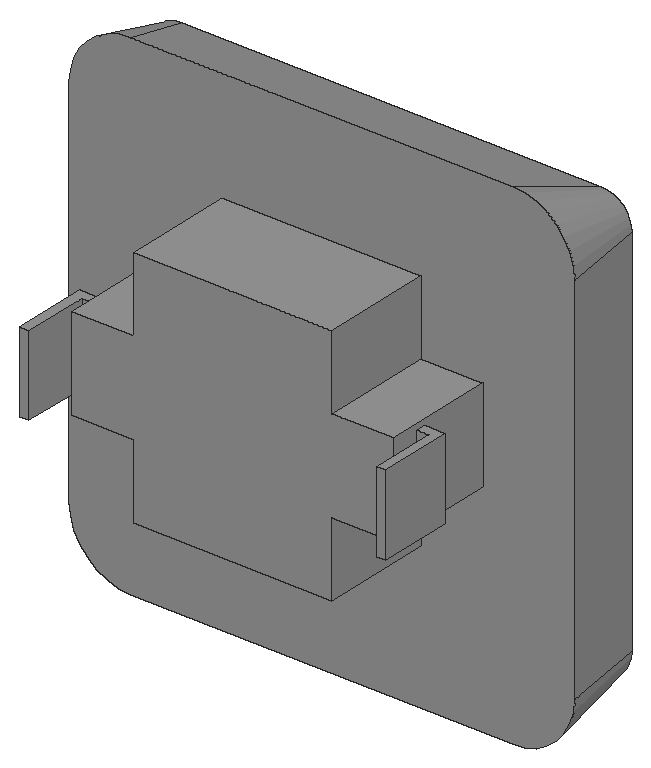
Revit family "IEK_Выключатель_Встраиваемый_10А одноклавишный IP20_ВЕГА", category Выключатели, Revit 2019
Family settings
  Сохранять ориентацию аннотаций = Да
  Размер круглого соединителя = Использовать диаметр
  Тип детали = Переключатель
  На основе рабочей плоскости = Нет
  Всегда вертикально = Да
  При загрузке вырезать с полостями = Нет
  Общий = Нет
  Точка расчета площади = Нет
Parameters (values of type "ВСп10-1-0-ВБ")
  Ширина = 81.5 mm  # constant formula
  Тип монтажа = "Скрытый монтаж (в штукатурку)"  # constant formula
  Степень защиты = "IP20"  # constant formula
  Изготовитель = "IEK"  # constant formula
  Дата изменения = ""
  Глубина = 36.3 mm  # constant formula
  Высота = 81 mm  # constant formula
  ΔХ [instance] = 2000 mm
  ΔY [instance] = 2000 mm
  KSI_CPr_Строительные изделия = "20.4.01"  # constant formula
  KSI_CMa_Строительные материалы = "01.7.14.03"  # constant formula
  IEK_Цена за единицу = 117.85
  IEK_Поиск в таблице имен = ""
  IEK_Описание = "Серия «ВЕГА» включает в себя розетки и выключатели для скрытого монтажа, которые хорошо впишутся в любой интерьер квартир, загородных домов, офисных и производственных помещений."
  IEK_URL = "https://www.iek.ru/products/catalog/izdeliya_elektroustanovochnye_udliniteli_i_silovye_razemy/elektroustanovochnye_izdeliya/elektroustanovochnye_izdeliya_skrytogo_montazha/elektroustanovochnye_izdeliya_vega/vyklyuchatel_1_klavishnyy_prokhodnoy_vsp10_1_0_vb_10a_vega_belyy_iek"
  ADSK_Ток [instance] = 10 A  # constant formula
  ADSK_Примечание = ""
  ADSK_Полная мощность [instance] = ADSK_Номинальная мощность / ADSK_Коэффициент мощности  # 2200 VA
  ADSK_Позиция [instance] = ""
  ADSK_Номинальная мощность [instance] = ADSK_Ток * ADSK_Напряжение * sqrt(ADSK_Количество фаз числовое) * ADSK_Коэффициент мощности  # 2200 W
  ADSK_Напряжение = 220 V
  ADSK_Наименование = "Выключатель 1-клавишный проходной ВСп10-1-0-ВБ 10А ВЕГА белый IEK"
  ADSK_Материал обозначение = ""
  ADSK_Материал наименование = "Пластик"  # constant formula
  ADSK_Материал = Цвет белый
  ADSK_Масса = 0.058
  ADSK_Марка = "ВЕГА"  # constant formula
  ADSK_Коэффициент мощности [instance] = 1  # constant formula
  ADSK_Количество фаз числовое = 1
  ADSK_Количество фаз = 1
  ADSK_Код изделия = "EVV12-K01-10-DM"
  ADSK_Классификация нагрузок [instance] = Прочее
  ADSK_Завод-изготовитель = "IEK"  # constant formula
  ADSK_Единица измерения = "шт"  # constant formula
  ADSK_Группирование = "III ЭЛЕКТРОУСТАНОВОЧНЫЕ И ЭЛЕКТРОМОНТАЖНЫЕ ИЗДЕЛИЯ"  # constant formula
  ADSK_Версия семейства = "1.0"  # constant formula
  ADSK_Версия Revit = "2019"  # constant formula
  ADSK_URL страницы изделия = "https://www.iek.ru/products/catalog/izdeliya_elektroustanovochnye_udliniteli_i_silovye_razemy/elektroustanovochnye_izdeliya/elektroustanovochnye_izdeliya_skrytogo_montazha/elektroustanovochnye_izdeliya_vega/?pagec=10"
Types (3, lengths in mm): name | IEK_Цена за единицу | IEK_URL | ADSK_Наименование | ADSK_Масса | ADSK_Код изделия
  (no name) | 117.85 | "https://www.iek.ru/products/catalog/izdeliya_elektroustanovochnye_udliniteli_i_silovye_razemy/elektroustanovochnye_izdeliya/elektroustanovochnye_izdeliya_skrytogo_montazha/elektroustanovochnye_izdeliya_vega/vyklyuchatel_1_klavishnyy_prokhodnoy_vsp10_1_0_vb_10a_vega_belyy_iek" | "Выключатель 1-клавишный проходной ВСп10-1-0-ВБ 10А ВЕГА белый IEK" | 0.058 | "EVV12-K01-10-DM"
  ВС10-1-0-ВБ | 93.42 | "https://www.iek.ru/products/catalog/izdeliya_elektroustanovochnye_udliniteli_i_silovye_razemy/elektroustanovochnye_izdeliya/elektroustanovochnye_izdeliya_skrytogo_montazha/elektroustanovochnye_izdeliya_vega/vyklyuchatel_1_klavishnyy_vs10_1_0_vb_10a_vega_belyy_iek" | "Выключатель 1-клавишный ВС10-1-0-ВБ 10А ВЕГА белый IEK" | 0.065 | "EVV10-K01-10-DM"
  ВСп10-1-0-ВБ | 117.85 | "https://www.iek.ru/products/catalog/izdeliya_elektroustanovochnye_udliniteli_i_silovye_razemy/elektroustanovochnye_izdeliya/elektroustanovochnye_izdeliya_skrytogo_montazha/elektroustanovochnye_izdeliya_vega/vyklyuchatel_1_klavishnyy_prokhodnoy_vsp10_1_0_vb_10a_vega_belyy_iek" | "Выключатель 1-клавишный проходной ВСп10-1-0-ВБ 10А ВЕГА белый IEK" | 0.058 | "EVV12-K01-10-DM"
Reference planes
  plane 1 "По центру (Вперед/Назад)": y = 0
  plane 2: z = 0
  plane 3 "По центру (Влево/Вправо)": x = 0
  plane 4 "Высота ножек": z = 280
  plane 5 "Высота": z = 2081.496
  plane 6: x = -2000
  plane 7: y = 2000
Forms (mm)
  Extrusion 1, solid, material "Цвет белый" <- "ADSK_Материал", detail levels fine
    sketch origin (0, -492.152, 42.527) x (1, 0, 0) y (0, 1, 0)
      loop
        line (26, 480.152) -> (26, 478.652) -> (27.993, 478.652) -> (27.993, 468.152) -> (29.498, 468.152) -> (29.498, 480.152) -> (26, 480.152)
      loop
        line (-26, 480.152) -> (-29.498, 480.152) -> (-29.498, 468.152) -> (-27.993, 468.152) -> (-27.993, 478.652) -> (-26, 478.652) -> (-26, 480.152)
    from -5.817 to 7.183
  Extrusion 2, solid, detail levels coarse
    sketch origin (0, 0, 0) x (1, 0, 0) y (0, 1, 0)
      loop
        line (-40.75, -24) -> (40.75, -24) -> (40.75, 20) -> (-40.75, 20) -> (-40.75, -24)
    from 0 to 80.5
  Extrusion 3, solid, detail levels medium
    sketch origin (0, 0, 0) x (1, 0, 0) y (0, 1, 0)
      loop
        line (-40.75, 20) -> (-40.75, -24) -> (40.75, -24) -> (40.75, 20) -> (-40.75, 20)
    from 0 to 80.5
  Extrusion 4, void
    sketch origin (0, 0, 40.25) x (1, 0, 0) y (0, 0, -1)
      loop
        line (-29, -25) -> (29, -25) -> (29, 25) -> (-29, 25) -> (-29, -25)
    from 1 to 14.038
  Extrusion 5, solid, material "Цвет белый" <- "ADSK_Материал", detail levels fine
    sketch origin (0, 0, 39.887) x (0, 0, 1) y (0, -1, 0)
      loop
        line (-24.209, -5) -> (-24.209, -11.055)
        arc (-24.209, -11.055) -> (-22.524, -15.523) -> (-19.835, -19.47) r 20.163
        arc (-19.835, -19.47) -> (3.045, -18.975) -> (24.863, -12.066) r 80.547
        line (24.863, -12.066) -> (24.863, -5) -> (-24.209, -5)
    from -28.5 to 28.5
  Extrusion 6, solid, material "Цвет белый" <- "ADSK_Материал", detail levels fine
    sketch origin (0, 0, 40.25) x (1, 0, 0) y (0, 0, -1)
      loop
        line (16, -22.25) -> (16, -10.25) -> (26, -10.25) -> (26, 4.75) -> (16, 4.75) -> (16, 16.75) -> (-16, 16.75) -> (-16, 4.75) -> (-26, 4.75) -> (-26, -10.25) -> (-16, -10.25) -> (-16, -22.25) -> (16, -22.25)
    from -18 to 0
  Blend 7, solid, material "Цвет белый" <- "ADSK_Материал", detail levels fine
    base sketch origin (0, 0, 40.25) x (1, 0, 0) y (0, 0, -1)
      loop
        arc (40.75, 30.25) -> (37.821, 37.321) -> (30.75, 40.25) r 10
        line (30.75, 40.25) -> (-30.75, 40.25)
        arc (-30.75, 40.25) -> (-37.821, 37.321) -> (-40.75, 30.25) r 10
        line (-40.75, 30.25) -> (-40.75, -30.25)
        arc (-40.75, -30.25) -> (-37.821, -37.321) -> (-30.75, -40.25) r 10
        line (-30.75, -40.25) -> (30.75, -40.25)
        arc (30.75, -40.25) -> (37.821, -37.321) -> (40.75, -30.25) r 10
        line (40.75, -30.25) -> (40.75, 30.25)
    top sketch origin (0, 0, 40.25) x (1, 0, 0) y (0, 0, -1)
      loop
        arc (-38.75, -30.25) -> (-37.286, -33.786) -> (-33.75, -35.25) r 5
        line (-33.75, -35.25) -> (33.75, -35.25)
        arc (33.75, -35.25) -> (37.286, -33.786) -> (38.75, -30.25) r 5
        line (38.75, -30.25) -> (38.75, 30.25)
        arc (38.75, 30.25) -> (37.286, 33.786) -> (33.75, 35.25) r 5
        line (33.75, 35.25) -> (-33.75, 35.25)
        arc (-33.75, 35.25) -> (-37.286, 33.786) -> (-38.75, 30.25) r 5
        line (-38.75, 30.25) -> (-38.75, -30.25)
    from 0 to 14
Cuts and joins
  Extrusion 4 cuts Blend 7
Lines and regions (mm)
  reference lines
    curve 1: line (0, 44.647, 0) -> (0, -55.353, 0)
    curve 2: line (-23.829, 0, 0) -> (76.171, 0, 0)
Dimensions and locks
  locked: plane 4 "Высота ножек" to plane 2 at 280
  plane 5 "Высота" to plane 4 "Высота ножек" = 1801.496 mm
  "ΔХ": plane 6 to curve 1
  "ΔY": plane 7 to curve 2
  aligned and locked: level to plane 2
  aligned and locked: curve 2 to nested 1
  aligned and locked: nested 1 to curve 1
Automatic sketch dimensions
  plane 1 "По центру (Вперед/Назад)" to Extrusion 1 sketch curve = 12 mm  (x2)
  Extrusion 1 sketch curve to plane 3 "По центру (Влево/Вправо)" = 29.498 mm
  Extrusion 1 sketch curve to Extrusion 1 sketch curve = 1.504 mm  (x2)
  Extrusion 1 sketch curve to Extrusion 1 sketch curve = 1.993 mm  (x2)
  plane 3 "По центру (Влево/Вправо)" to Extrusion 1 sketch curve = 26 mm
  Extrusion 1 sketch curve to Extrusion 1 sketch curve = 1.5 mm  (x2)
  Extrusion 1 sketch curve to Extrusion 1 sketch curve = 10.5 mm  (x2)
  Extrusion 2 sketch curve to plane 1 "По центру (Вперед/Назад)" = 20 mm
  Extrusion 2 sketch curve to plane 3 "По центру (Влево/Вправо)" = 40.75 mm
  plane 3 "По центру (Влево/Вправо)" to Extrusion 2 sketch curve = 40.75 mm
  plane 1 "По центру (Вперед/Назад)" to Extrusion 2 sketch curve = 24 mm
  Extrusion 3 sketch curve to plane 3 "По центру (Влево/Вправо)" = 40.75 mm
  plane 3 "По центру (Влево/Вправо)" to Extrusion 3 sketch curve = 40.75 mm
  plane 1 "По центру (Вперед/Назад)" to Extrusion 3 sketch curve = 24 mm
  Extrusion 3 sketch curve to plane 1 "По центру (Вперед/Назад)" = 20 mm
  level to Extrusion 4 sketch curve = 15.25 mm
  Extrusion 4 sketch curve to plane 3 "По центру (Влево/Вправо)" = 29 mm
  Extrusion 4 sketch curve to Extrusion 4 sketch curve = 58 mm
  level to Extrusion 4 sketch curve = 65.25 mm
  level to Extrusion 5 sketch curve = 15.678 mm
  level to Extrusion 5 sketch curve = 29.77 mm
  level to Extrusion 5 sketch curve = 35.254 mm
  level to Extrusion 5 sketch curve = 64.75 mm
  Extrusion 5 sketch curve to plane 1 "По центру (Вперед/Назад)" = 12.066 mm
  Extrusion 5 sketch curve to Extrusion 5 sketch curve = 1.011 mm
  Extrusion 5 sketch curve to Extrusion 5 sketch curve = 4.83 mm
  Extrusion 5 sketch curve to Extrusion 5 sketch curve = 7.066 mm
  Extrusion 5 sketch curve to Extrusion 5 sketch curve = 66.713 mm
  level to Extrusion 6 sketch curve = 50.5 mm  (x2)
  Extrusion 6 sketch curve to plane 3 "По центру (Влево/Вправо)" = 26 mm
  Extrusion 6 sketch curve to Extrusion 6 sketch curve = 10 mm  (x3)
  Extrusion 6 sketch curve to Extrusion 6 sketch curve = 32 mm
  level to Extrusion 6 sketch curve = 35.5 mm  (x2)
  Extrusion 6 sketch curve to Extrusion 6 sketch curve = 0 mm
  Extrusion 6 sketch curve to Extrusion 6 sketch curve = 12 mm  (x2)
  level to Blend 7 sketch curve = 10 mm  (x3)
  Blend 7 sketch curve to plane 3 "По центру (Влево/Вправо)" = 40.75 mm
  Blend 7 sketch curve to Blend 7 sketch curve = 10 mm  (x3)
  level to Blend 7 sketch curve = 70.5 mm
  Blend 7 sketch curve to Blend 7 sketch curve = 61.5 mm
  Blend 7 sketch curve to Blend 7 sketch curve = 0 mm  (x2)
  Blend 7 sketch curve to plane 3 "По центру (Влево/Вправо)" = 38.75 mm
  Blend 7 sketch curve to Blend 7 sketch curve = 5 mm  (x2)
  level to Blend 7 sketch curve = 75.5 mm
  Blend 7 sketch curve to Blend 7 sketch curve = 67.5 mm
  curve 2 to plane 3 "По центру (Влево/Вправо)" = 23.829 mm
  plane 3 "По центру (Влево/Вправо)" to curve 2 = 76.171 mm
  plane 1 "По центру (Вперед/Назад)" to curve 1 = 55.353 mm
  curve 1 to plane 1 "По центру (Вперед/Назад)" = 44.647 mm
Nested families
  nested 1: "УГО Выключателя" at (0, 0, 0), type "1K-C", detail levels coarse+medium
    with IP44 no
Connectors
  electrical at (0, -24, 40.25), driven by "ADSK_Количество фаз", driven by "ADSK_Классификация нагрузок", driven by "ADSK_Напряжение", driven by "ADSK_Полная мощность", driven by "ADSK_Коэффициент мощности"
    settings: on Extrusion 2, index 1, voltage 220 V, apparent load 0 VA, apparent load phase1 2200 VA, apparent load phase2 0 VA, apparent load phase3 0 VA, power factor 1, load classification "Прочее", number of poles 1, system type 31, power factor state 1, is connector primary yes, connector utility no, sub classification motor no, connector description ""
Definition of nested family "УГО Выключателя"
  Parameters (values of type "3K-O")
    IP44 [instance] = no
    3K-C = no
    2K-C = no
    1K-C = no
    3K-O = yes
    2K-O = no
    1K-O = no
  Types (6, lengths in mm): name | 3K-C | 2K-C | 1K-C | 3K-O | 1K-O
    2K-O | no | no | no | yes | no
    3K-O | no | no | no | yes | no
    2K-C | no | yes | no | no | no
    1K-O | no | no | no | no | yes
    1K-C | no | no | yes | no | no
    3K-C | yes | no | no | no | no
  Reference planes
    plane 1: y = 0
    plane 2: x = 0
  Lines and regions (mm)
    Filled region 1, type "Цветовая область 1", visible <- "IP44"
      outline origin (0, 0, 0) x (1, 0, 0) y (0, 1, 0)
        loop
          circle (0.006, 0.994) r 0.994
    Filled region 2, type "Цветовая область 1", visible <- "IP44", not visible
      outline origin (0, 0, 0) x (1, 0, 0) y (0, 1, 0)
        loop
          circle (0, 2.214) r 0.994
    Filled region 3, type "Цветовая область 1", visible <- "IP44"
      outline origin (-1.562, 0, 0) x (1, 0, 0) y (0, 1, 0)
        loop
          circle (1.569, 0.994) r 0.994
    Filled region 4, type "Цветовая область 1", visible <- "1K-O"
      outline origin (0, 6.25, 0) x (1, 0, 0) y (0, 1, 0)
        loop
          circle (0.006, -5.256) r 0.994
    Filled region 5, type "Цветовая область 1", visible <- "IP44"
      outline origin (-1.562, 0, 0) x (1, 0, 0) y (0, 1, 0)
        loop
          circle (1.569, 0.994) r 0.994
    Filled region 6, type "Цветовая область 1", visible <- "IP44"
      outline origin (0, 0, 0) x (1, 0, 0) y (0, 1, 0)
        loop
          circle (0.006, 0.994) r 0.994
    Filled region 7, type "Цветовая область 1", visible <- "IP44", not visible
      outline origin (-1.562, 0, 0) x (1, 0, 0) y (0, 1, 0)
        loop
          circle (11.009, 9.276) r 0.994
    Filled region 8, type "Цветовая область 1", visible <- "1K-O", not visible
      outline origin (0, 6.25, 0) x (1, 0, 0) y (0, 1, 0)
        loop
          circle (15.194, 9.276) r 0.994
    Filled region 9, type "Цветовая область 1", visible <- "IP44", not visible
      outline origin (-1.562, 0, 0) x (1, 0, 0) y (0, 1, 0)
        loop
          circle (23.521, 9.279) r 0.994
    Filled region 10, type "Цветовая область 1", visible <- "IP44", not visible
      outline origin (0, 0, 0) x (1, 0, 0) y (0, 1, 0)
        loop
          circle (28.604, 9.279) r 0.994
    Filled region 11, type "Цветовая область 1", visible <- "IP44", not visible
      outline origin (0, 0, 0) x (1, 0, 0) y (0, 1, 0)
        loop
          circle (32.789, 9.279) r 0.994
    Filled region 12, type "Цветовая область 1", visible <- "IP44"
      outline origin (0, 0, 0) x (1, 0, 0) y (0, 1, 0)
        loop
          circle (0.006, 0.994) r 0.994
    detail lines, visible <- "3K-O"
      curve 1: line (0.867, 1.49, 0) -> (3.037, 2.744, 0)
      curve 2: line (0.645, 1.755, 0) -> (2.256, 3.675, 0)
      curve 3: line (0.33, 1.933, 0) -> (1.146, 4.303, 0)
      curve 7: circle (0.006, 0.994, 0) r 0.994 normal (0, 0, 1)
      curve 16: line (3.037, 2.744, 0) -> (3.437, 2.051, 0)
      curve 17: line (2.256, 3.675, 0) -> (2.869, 3.161, 0)
      curve 18: line (1.146, 4.303, 0) -> (1.902, 4.042, 0)
    detail lines, visible <- "2K-O"
      curve 4: line (0.756, 1.645, 0) -> (2.648, 3.29, 0)
      curve 5: line (0.488, 1.863, 0) -> (1.703, 4.055, 0)
      curve 8: circle (0.006, 0.994, 0) r 0.994 normal (0, 0, 1)
      curve 19: line (2.648, 3.29, 0) -> (3.173, 2.686, 0)
      curve 20: line (1.703, 4.055, 0) -> (2.403, 3.667, 0)
    detail lines, visible <- "1K-O"
      curve 6: line (0.576, 1.808, 0) -> (2.014, 3.861, 0)
      curve 9: circle (0.006, 0.994, 0) r 0.994 normal (0, 0, 1)
      curve 21: line (2.014, 3.861, 0) -> (2.669, 3.402, 0)
    detail lines, visible <- "3K-C"
      curve 10: line (0.867, 1.49, 0) -> (3.037, 2.744, 0)
      curve 11: line (0.645, 1.755, 0) -> (2.256, 3.675, 0)
      curve 12: line (0.33, 1.933, 0) -> (1.146, 4.303, 0)
      curve 14: circle (0.006, 0.994, 0) r 0.994 normal (0, 0, 1)
      curve 23: line (2.812, 3.133, 0) -> (3.262, 2.354, 0)
      curve 24: line (1.911, 3.964, 0) -> (2.601, 3.386, 0)
      curve 25: line (0.72, 4.449, 0) -> (1.571, 4.156, 0)
    detail lines, visible <- "1K-C"
      curve 13: line (0.576, 1.808, 0) -> (2.014, 3.861, 0)
      curve 15: circle (0.006, 0.994, 0) r 0.994 normal (0, 0, 1)
      curve 22: line (1.645, 4.119, 0) -> (2.383, 3.603, 0)
    detail lines, visible <- "3K-O", not visible
      curve 26: line (0.86, 2.711, 0) -> (3.031, 3.964, 0)
      curve 27: line (0.639, 2.975, 0) -> (2.25, 4.895, 0)
      curve 28: line (0.323, 3.154, 0) -> (1.139, 5.524, 0)
      curve 29: circle (0, 2.214, 0) r 0.994 normal (0, 0, 1)
      curve 30: line (3.031, 3.964, 0) -> (3.431, 3.272, 0)
      curve 31: line (2.25, 4.895, 0) -> (2.863, 4.381, 0)
      curve 32: line (1.139, 5.524, 0) -> (1.896, 5.263, 0)
    detail lines, visible <- "2K-O", not visible
      curve 33: line (10.196, 9.928, 0) -> (12.088, 11.572, 0)
      curve 34: line (9.928, 10.145, 0) -> (11.143, 12.337, 0)
      curve 35: circle (9.446, 9.276, 0) r 0.994 normal (0, 0, 1)
      curve 36: line (12.088, 11.572, 0) -> (12.613, 10.968, 0)
      curve 37: line (11.143, 12.337, 0) -> (11.843, 11.949, 0)
    detail lines, visible <- "1K-O", not visible
      curve 38: line (15.764, 16.34, 0) -> (17.201, 18.393, 0)
      curve 39: circle (15.194, 15.526, 0) r 0.994 normal (0, 0, 1)
      curve 40: line (17.201, 18.393, 0) -> (17.857, 17.934, 0)
    detail lines, visible <- "3K-C", not visible
      curve 41: line (22.819, 9.775, 0) -> (24.99, 11.029, 0)
      curve 42: line (22.597, 10.04, 0) -> (24.208, 11.96, 0)
      curve 43: line (22.282, 10.218, 0) -> (23.098, 12.588, 0)
      curve 44: circle (21.958, 9.279, 0) r 0.994 normal (0, 0, 1)
      curve 45: line (24.765, 11.418, 0) -> (25.215, 10.639, 0)
      curve 46: line (23.863, 12.249, 0) -> (24.553, 11.67, 0)
      curve 47: line (22.672, 12.734, 0) -> (23.523, 12.441, 0)
    detail lines, visible <- "2K-C", not visible
      curve 48: line (29.354, 9.93, 0) -> (31.246, 11.575, 0)
      curve 49: line (29.086, 10.148, 0) -> (30.301, 12.34, 0)
      curve 50: circle (28.604, 9.279, 0) r 0.994 normal (0, 0, 1)
      curve 51: line (30.951, 11.914, 0) -> (31.541, 11.235, 0)
      curve 52: line (29.908, 12.558, 0) -> (30.695, 12.122, 0)
    detail lines, visible <- "1K-C", not visible
      curve 53: line (33.359, 10.092, 0) -> (34.797, 12.146, 0)
      curve 54: circle (32.789, 9.279, 0) r 0.994 normal (0, 0, 1)
      curve 55: line (34.428, 12.404, 0) -> (35.165, 11.887, 0)
    detail lines, visible <- "2K-C"
      curve 56: line (0.756, 1.645, 0) -> (2.648, 3.29, 0)
      curve 57: line (0.488, 1.863, 0) -> (1.703, 4.055, 0)
      curve 58: circle (0.006, 0.994, 0) r 0.994 normal (0, 0, 1)
      curve 59: line (2.353, 3.629, 0) -> (2.943, 2.95, 0)
      curve 60: line (1.31, 4.273, 0) -> (2.097, 3.837, 0)
    detail lines
      curve 61: line (0.006, 0, 0) -> (0.006, 2.454, 0)
      curve 62: line (0.006, 0, 0) -> (2.217, 0, 0)
